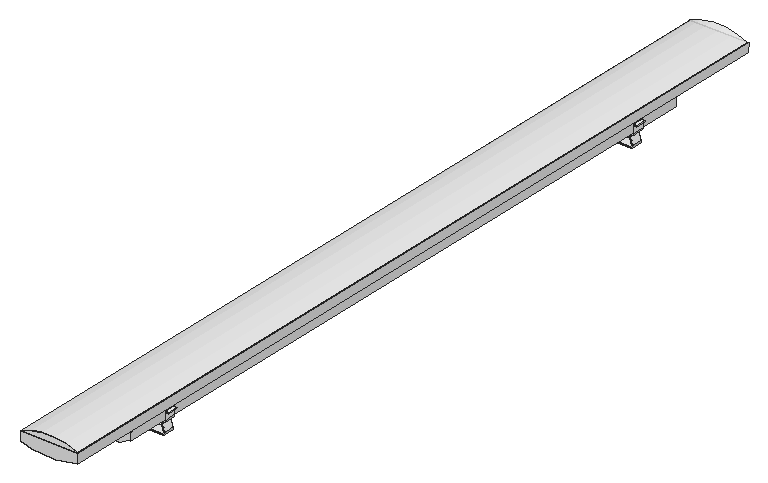
Revit family "Lighting-Industrial-GEWISS-SMART[3]PLUS-WATERTIGHT-LED-EMERGENCY_OPAL_1600mm", category Apparecchi per illuminazione, host Superficie, Revit 2019
Family settings
  Host = Superficie
  Quota connettore circolare = Usa diametro
  Tipo di parte = Normale
  Numero OmniClass = 23.80.70.11
  Titolo OmniClass = Luminaries for Internal Lighting
  Taglio con vuoti quando caricato = No
  Sorgente d'illuminazione = No
  Condiviso = No
  Punto di calcolo locali = No
Parameters (values of type "GWS3325AP957 - SMART3 PLUS 1600 EMERG DT1+DT6 HE OPAL 9 57")
  Working temperature = "ND"
  Weight (kg): = ""
  Warranty = "ND"
  Voltage = "220-240 V "
  Version file RFA = "20.0"
  URL = "https://www.gewiss.com/ww/en"
  Typology = ""
  Type of light source = "LED - Not replaceable"
  Technical sheet = "https://www.gewiss.com/ww/en/search?q=GWS3325AP957"
  System power = "50 W"
  Struttura = GEWISS - SMART 3 - GRIGIO
  Stampa 1_200 = no
  Stampa 1_100 = not(Stampa 1_200)  # yes
  Spostamento_Y_etichetta [instance] = 0 mm
  Spostamento_Y_effettivo_etichetta [instance] = 1500 mm - Spostamento_Y_etichetta  # 1500 mm
  Spostamento_X_etichetta [instance] = 0 mm
  Spostamento_X_effettivo_etichetta [instance] = 1500 mm - Spostamento_X_etichetta  # 1500 mm
  Shock resistance = "IK08"
  Shield type = "Opal"
  Schermo. = Gewiss - Led Acceso
  SEO = "Ceiling"
  Realized by GEWISS S.p.A. = ""
  Default Elevation = 1219.2 mm
  Produttore = "GEWISS S.p.A."
  Operating temperature: = "ND"
  Nominal flux (lm) = ""
  No. LED (#) = ""
  Modello = "GWS3325AP957"
  Lunghezza Lampada = 1600 mm  # constant formula
  Lumen output (lm) = "5200"
  Length = "1600 mm"
  Lampada = "LED"
  Lamp = "LED"
  LED LifeTime (L80B20) = ""
  LED Life time (L80B50) = ""
  LED Life time (L70) = ""
  LED Life Time (L90B50) = ""
  Insulation class = "II"
  Immagine tipo = GWS3158P.jpg
  IP degree = "IP66/IP69"
  IFC.TypeObject = ""
  IFC.ExportType = ""
  IFC.ExportAs = ""
  IDT = "fc3a2e1b-6a5f-4da6-a0ae-96bfc5d9bbbb"
  IDF = "7a91b3af-7b8f-4b45-9b1e-8da76f6e3765"
  Glow Wire Test = "850°C"
  Ganci = GEWISS  - ALLUMINIO
  Failure rate apparecchio (50.000h, Tq=25Â° C) = ""
  Failure rate apparecchio (35.000h, Tq=35Â° C) = ""
  Electrocod = "2434"
  Efficiency class of integrated LEDs = "A ÷ A++"
  EAN code = ""
  Driver type = ""
  Device with reduced surface temperature = ""
  Descrizione = "SMART3 PLUS 1600 EMERG DT1+DT6 HE OPAL 9 57"
  Commenti sul wattaggio = "55W"
  Colour temperature: = "5700 K (CRI > 90)"
  Colour temperature = "5700 K (CRI > 90)"
  Catalogue Range = "SMART[3] PLUS"
  Catalogue = "LIGHTING"
  Carico apparente = 55 VA
  COBie.Tagnumber = ""
  COBie.CreatedOn = ""
  COBie.CreatebBy = ""
  COBie.ComponentRegisterItemID = ""
  COBie.Component.TagNumber = ""
  COBie.Component.Space = ""
  COBie.Component.SerialNumber = ""
  COBie.Component.InstallationDate = ""
  COBie.Component.Description = ""
  COBie.Component.BarCode = ""
  Application = "Indoor"
Types (7, lengths in mm): name | Technical sheet | Modello | Lumen output (lm) | IDT | Descrizione | Commenti sul wattaggio | Colour temperature: | Colour temperature | Carico apparente
  (no name) | "https://www.gewiss.com/ww/en/search?q=GWS3325AP957" | "GWS3325AP957" | "5200" | "fc3a2e1b-6a5f-4da6-a0ae-96bfc5d9bbbb" | "SMART3 PLUS 1600 EMERG DT1+DT6 HE OPAL 9 57" | "55W" | "5700 K (CRI > 90)" | "5700 K (CRI > 90)" | 55 VA
  GWS3325AP830 - SMART3 PLUS 1600 EMERG DT1+DT6 HE OPAL 8 30 | "https://www.gewiss.com/ww/en/search?q=GWS3325AP830" | "GWS3325AP830" | "6300" | "dc5e4828-52ce-422c-9b6b-c38c54410b43" | "SMART3 PLUS 1600 EMERG DT1+DT6 HE OPAL 8 30" | "53W" | "3000 K (CRI > 80)" | "3000 K (CRI > 80)" | 53 VA
  GWS3325AP840 - SMART3 PLUS 1600 EMERG DT1+DT6 HE OPAL 8 40 | "https://www.gewiss.com/ww/en/search?q=GWS3325AP840" | "GWS3325AP840" | "6600" | "92695f94-24f2-461d-a178-f8fbf5aad911" | "SMART3 PLUS 1600 EMERG DT1+DT6 HE OPAL 8 40" | "53W" | "4000 K (CRI > 80)" | "4000 K (CRI > 80)" | 53 VA
  GWS3325AP857 - SMART3 PLUS 1600 EMERG DT1+DT6 HE OPAL 8 57 | "https://www.gewiss.com/ww/en/search?q=GWS3325AP857" | "GWS3325AP857" | "6600" | "c8afbca4-96a4-4207-8ed0-41c1df6e7fe8" | "SMART3 PLUS 1600 EMERG DT1+DT6 HE OPAL 8 57" | "53W" | "5700 K (CRI > 80)" | "5700 K (CRI > 80)" | 53 VA
  GWS3325AP930 - SMART3 PLUS 1600 EMERG DT1+DT6 HE OPAL 9 30 | "https://www.gewiss.com/ww/en/search?q=GWS3325AP930" | "GWS3325AP930" | "4900" | "ed5fe9f1-9f1e-4a73-9cdc-b7d59c384a9c" | "SMART3 PLUS 1600 EMERG DT1+DT6 HE OPAL 9 30" | "55W" | "3000 K (CRI > 90)" | "3000 K (CRI > 90)" | 55 VA
  GWS3325AP940 - SMART3 PLUS 1600 EMERG DT1+DT6 HE OPAL 9 40 | "https://www.gewiss.com/ww/en/search?q=GWS3325AP940" | "GWS3325AP940" | "5200" | "234f1ffd-bc96-4e99-876c-25112666cdf4" | "SMART3 PLUS 1600 EMERG DT1+DT6 HE OPAL 9 40" | "55W" | "4000 K (CRI > 90)" | "4000 K (CRI > 90)" | 55 VA
  GWS3325AP957 - SMART3 PLUS 1600 EMERG DT1+DT6 HE OPAL 9 57 | "https://www.gewiss.com/ww/en/search?q=GWS3325AP957" | "GWS3325AP957" | "5200" | "fc3a2e1b-6a5f-4da6-a0ae-96bfc5d9bbbb" | "SMART3 PLUS 1600 EMERG DT1+DT6 HE OPAL 9 57" | "55W" | "5700 K (CRI > 90)" | "5700 K (CRI > 90)" | 55 VA
Reference planes
  plane 1 "Centro (Fronte/Retro)": y = 0
  plane 2: z = 0
  plane 3 "Centro (Sinistra/Destra)": x = 0
  plane 4: x = -1500
  plane 5: y = -1500
  plane 6: x = 0
  plane 7: y = 0
Forms (mm)
  Extrusion 1, solid, material "GEWISS  - ALLUMINIO" <- "Ganci", detail levels medium+fine
    sketch origin (0, 0, 0) x (1, 0, 0) y (0, 0, 1)
      loop
        arc (31.431, -0.002) -> (34.576, 1.589) -> (35.156, 5.066) r 3.903
        line (35.156, 5.066) -> (29.612, 23.211)
        arc (29.612, 23.211) -> (29.883, 24.381) -> (31.032, 24.73) r 1.2
        line (31.032, 24.73) -> (34.307, 23.974)
        arc (34.307, 23.974) -> (36.765, 24.53) -> (37.859, 26.8) r 2.9
        line (37.859, 26.8) -> (37.859, 38.8)
        arc (37.859, 38.8) -> (37.648, 39.694) -> (37.059, 40.4) r 2
        line (37.059, 40.4) -> (37.059, 42.71) -> (42.861, 40.598) -> (43.203, 41.538) -> (37.53, 43.603)
        arc (37.53, 43.603) -> (37.019, 43.613) -> (36.605, 43.311) r 0.8
        line (36.605, 43.311) -> (36.306, 26.139)
        arc (36.306, 26.139) -> (35.6, 25.444) -> (34.616, 25.34) r 1.5
        line (34.616, 25.34) -> (31.344, 26.095)
        arc (31.344, 26.095) -> (28.858, 25.335) -> (28.273, 22.802) r 2.6
        line (28.273, 22.802) -> (33.827, 4.636)
        arc (33.827, 4.636) -> (33.449, 2.415) -> (31.438, 1.4) r 2.5
        line (31.438, 1.4) -> (-31.437, 1.4)
        arc (-31.437, 1.4) -> (-33.449, 2.415) -> (-33.827, 4.636) r 2.5
        line (-33.827, 4.636) -> (-28.273, 22.802)
        arc (-28.273, 22.802) -> (-28.858, 25.335) -> (-31.344, 26.095) r 2.6
        line (-31.344, 26.095) -> (-34.616, 25.34)
        arc (-34.616, 25.34) -> (-35.6, 25.444) -> (-36.306, 26.139) r 1.5
        line (-36.306, 26.139) -> (-36.605, 43.311)
        arc (-36.605, 43.311) -> (-37.019, 43.613) -> (-37.53, 43.603) r 0.8
        line (-37.53, 43.603) -> (-43.203, 41.538) -> (-42.861, 40.598) -> (-37.059, 42.71) -> (-37.059, 40.4)
        arc (-37.059, 40.4) -> (-37.648, 39.694) -> (-37.859, 38.8) r 2
        line (-37.859, 38.8) -> (-37.859, 26.8)
        arc (-37.859, 26.8) -> (-36.765, 24.53) -> (-34.307, 23.974) r 2.9
        line (-34.307, 23.974) -> (-31.032, 24.73)
        arc (-31.032, 24.73) -> (-29.883, 24.381) -> (-29.612, 23.211) r 1.2
        line (-29.612, 23.211) -> (-35.156, 5.066)
        arc (-35.156, 5.066) -> (-34.576, 1.589) -> (-31.431, -0.002) r 3.903
        line (-31.431, -0.002) -> (31.431, -0.002)
    from 548.766 to 568.766
  Extrusion 2, solid, material "GEWISS  - ALLUMINIO" <- "Ganci", detail levels medium+fine
    sketch origin (0, 0, 0) x (1, 0, 0) y (0, 0, -1)
      loop
        line (31.431, 0.002) -> (-31.431, 0.002)
        arc (-31.431, 0.002) -> (-34.576, -1.589) -> (-35.156, -5.066) r 3.903
        line (-35.156, -5.066) -> (-29.612, -23.211)
        arc (-29.612, -23.211) -> (-29.883, -24.381) -> (-31.032, -24.73) r 1.2
        line (-31.032, -24.73) -> (-34.307, -23.974)
        arc (-34.307, -23.974) -> (-36.765, -24.53) -> (-37.859, -26.8) r 2.9
        line (-37.859, -26.8) -> (-37.859, -38.8)
        arc (-37.859, -38.8) -> (-37.648, -39.694) -> (-37.059, -40.4) r 2
        line (-37.059, -40.4) -> (-37.059, -42.71) -> (-42.861, -40.598) -> (-43.203, -41.538) -> (-37.53, -43.603)
        arc (-37.53, -43.603) -> (-37.019, -43.613) -> (-36.605, -43.311) r 0.8
        line (-36.605, -43.311) -> (-36.306, -26.139)
        arc (-36.306, -26.139) -> (-35.6, -25.444) -> (-34.616, -25.34) r 1.5
        line (-34.616, -25.34) -> (-31.344, -26.095)
        arc (-31.344, -26.095) -> (-28.858, -25.335) -> (-28.273, -22.802) r 2.6
        line (-28.273, -22.802) -> (-33.827, -4.636)
        arc (-33.827, -4.636) -> (-33.449, -2.415) -> (-31.437, -1.4) r 2.5
        line (-31.437, -1.4) -> (31.438, -1.4)
        arc (31.438, -1.4) -> (33.449, -2.415) -> (33.827, -4.636) r 2.5
        line (33.827, -4.636) -> (28.273, -22.802)
        arc (28.273, -22.802) -> (28.858, -25.335) -> (31.344, -26.095) r 2.6
        line (31.344, -26.095) -> (34.616, -25.34)
        arc (34.616, -25.34) -> (35.6, -25.444) -> (36.306, -26.139) r 1.5
        line (36.306, -26.139) -> (36.605, -43.311)
        arc (36.605, -43.311) -> (37.019, -43.613) -> (37.53, -43.603) r 0.8
        line (37.53, -43.603) -> (43.203, -41.538) -> (42.861, -40.598) -> (37.059, -42.71) -> (37.059, -40.4)
        arc (37.059, -40.4) -> (37.648, -39.694) -> (37.859, -38.8) r 2
        line (37.859, -38.8) -> (37.859, -26.8)
        arc (37.859, -26.8) -> (36.765, -24.53) -> (34.307, -23.974) r 2.9
        line (34.307, -23.974) -> (31.032, -24.73)
        arc (31.032, -24.73) -> (29.883, -24.381) -> (29.612, -23.211) r 1.2
        line (29.612, -23.211) -> (35.156, -5.066)
        arc (35.156, -5.066) -> (34.576, -1.589) -> (31.431, 0.002) r 3.903
    from 548.766 to 568.766
  Extrusion 3, solid, material "GEWISS - SMART 3 - GRIGIO" <- "Struttura", detail levels medium+fine
    sketch origin (0, 0, 0) x (1, 0, 0) y (0, 0, 1)
      loop
        line (-36.331, 55.757) -> (-35.847, 28.018)
        arc (-35.847, 28.018) -> (-33.139, 27.27) -> (-30.416, 26.58) r 129.5
        arc (-30.416, 26.58) -> (-28.066, 25.76) -> (-25.915, 24.506) r 13
        arc (-25.915, 24.506) -> (-24.23, 23.324) -> (-22.521, 22.178) r 99.5
        arc (-22.521, 22.178) -> (-16.401, 19.063) -> (-9.748, 17.365) r 31.146
        line (-9.748, 17.365) -> (12.491, 17.365)
        arc (12.491, 17.365) -> (17.822, 19.098) -> (22.764, 21.745) r 31.646
        arc (22.764, 21.745) -> (24.509, 22.915) -> (26.228, 24.122) r 100
        arc (26.228, 24.122) -> (28.283, 25.313) -> (30.525, 26.095) r 12.5
        arc (30.525, 26.095) -> (33.437, 26.834) -> (36.332, 27.64) r 130
        line (36.332, 27.64) -> (36.824, 55.851)
        arc (36.824, 55.851) -> (24.914, 53.937) -> (12.909, 52.764) r 195.047
        line (12.909, 52.764) -> (-12.909, 52.764)
        arc (-12.909, 52.764) -> (-24.665, 53.905) -> (-36.331, 55.757) r 195.047
    from -650 to 650
  Extrusion 4, solid, material "GEWISS - SMART 3 - GRIGIO" <- "Struttura", detail levels medium+fine
    sketch origin (0, 0, 0) x (1, 0, 0) y (0, 0, 1)
      loop
        line (54.725, 60.184) -> (55.177, 77.445) -> (-55.177, 77.445) -> (-54.725, 60.184)
        arc (-54.725, 60.184) -> (-34.019, 55.332) -> (-12.909, 52.764) r 195.047
        line (-12.909, 52.764) -> (12.909, 52.764)
        arc (12.909, 52.764) -> (34.019, 55.332) -> (54.725, 60.184) r 195.047
    from -800 to 800
  Extrusion 5, solid, material "Gewiss - Led Acceso" <- "Schermo.", detail levels medium+fine
    sketch origin (0, 0, 0) x (1, 0, 0) y (0, 0, 1)
      loop
        arc (54.697, 78.441) -> (-0.014, 90.457) -> (-54.723, 78.429) r 130.5
        arc (-54.723, 78.429) -> (-54.988, 77.838) -> (-54.5, 77.445) r 0.5
        line (-54.5, 77.445) -> (54.479, 77.445)
        arc (54.479, 77.445) -> (54.988, 77.855) -> (54.697, 78.441) r 0.522
    from -800 to 800
  Extrusion 6, solid, material "GEWISS - SMART 3 - GRIGIO" <- "Struttura", detail levels coarse
    sketch origin (0, 0, 0) x (1, 0, 0) y (0, 0, 1)
      loop
        line (-54.5, 90.439) -> (-54.5, 0) -> (54.5, 0) -> (54.5, 90.439) -> (-54.5, 90.439)
    from -800 to 800
Lines and regions (mm)
  Masking region 1
    outline origin (0, 0, 0) x (1, 0, 0) y (0, 1, 0)
      loop
        line (-55.177, 800) -> (-55.177, -800) -> (55.177, -800) -> (55.177, 800) -> (-55.177, 800)
  symbolic lines, style "GEWISS - LIGHT 2D"
    curve 1: line (0, 528.766, 0) -> (0, -511.234, 0)
Dimensions and locks
  plane 4 to plane 3 "Centro (Sinistra/Destra)" = 1500 mm
  "Spostamento_X_effettivo_etichetta": plane 4 to plane 6
  "Spostamento_Y_effettivo_etichetta": plane 7 to plane 5
  plane 1 "Centro (Fronte/Retro)" to plane 5 = 1500 mm
  aligned and locked: plane 2 to host face
  aligned and locked: level to host face
  aligned and locked: Masking region 1 sketch curve to Extrusion 4  (x4)
  aligned and locked: plane 6 to nested 1
  aligned and locked: nested 1 to plane 7
  aligned and locked: curve 1 to plane 3 "Centro (Sinistra/Destra)"
Automatic sketch dimensions
  host sketch curve to host sketch curve = 2438.4 mm  (x2)
  Extrusion 1 sketch curve to Extrusion 1 sketch curve = 0 mm  (x28)
  Extrusion 1 sketch curve to plane 3 "Centro (Sinistra/Destra)" = 43.203 mm
  level to Extrusion 1 sketch curve = 40.598 mm
  Extrusion 1 sketch curve to Extrusion 1 sketch curve = 0.342 mm  (x2)
  Extrusion 1 sketch curve to Extrusion 1 sketch curve = 5.002 mm  (x2)
  Extrusion 1 sketch curve to Extrusion 1 sketch curve = 0.329 mm
  Extrusion 1 sketch curve to Extrusion 1 sketch curve = 0.271 mm  (x2)
  Extrusion 1 sketch curve to Extrusion 1 sketch curve = 0.8 mm  (x2)
  Extrusion 1 sketch curve to Extrusion 1 sketch curve = 0.454 mm  (x2)
  Extrusion 1 sketch curve to Extrusion 1 sketch curve = 1.554 mm
  Extrusion 1 sketch curve to Extrusion 1 sketch curve = 2 mm
  level to Extrusion 1 sketch curve = 5.066 mm  (x2)
  Extrusion 1 sketch curve to Extrusion 1 sketch curve = 1.15 mm
  Extrusion 1 sketch curve to Extrusion 1 sketch curve = 1.346 mm  (x2)
  Extrusion 1 sketch curve to Extrusion 1 sketch curve = 0.343 mm  (x2)
  level to Extrusion 1 sketch curve = 4.636 mm  (x2)
  Extrusion 1 sketch curve to Extrusion 1 sketch curve = 1.329 mm  (x2)
  level to Extrusion 1 sketch curve = 1.4 mm
  Extrusion 1 sketch curve to Extrusion 1 sketch curve = 2.389 mm  (x2)
  Extrusion 1 sketch curve to Extrusion 1 sketch curve = 0.007 mm  (x2)
  Extrusion 1 sketch curve to Extrusion 1 sketch curve = 3.584 mm  (x2)
  Extrusion 1 sketch curve to Extrusion 1 sketch curve = 0.273 mm  (x2)
  plane 3 "Centro (Sinistra/Destra)" to Extrusion 1 sketch curve = 30.759 mm
  Extrusion 1 sketch curve to level = 0.002 mm
  Extrusion 1 sketch curve to Extrusion 1 sketch curve = 0.672 mm
  Extrusion 1 sketch curve to Extrusion 1 sketch curve = 0.9 mm
  level to Extrusion 1 sketch curve = 26.139 mm
  Extrusion 1 sketch curve to Extrusion 1 sketch curve = 0.746 mm
  Extrusion 1 sketch curve to Extrusion 1 sketch curve = 0.2 mm
  Extrusion 1 sketch curve to Extrusion 1 sketch curve = 2.577 mm
  Extrusion 1 sketch curve to Extrusion 1 sketch curve = 18.496 mm
  Extrusion 1 sketch curve to Extrusion 1 sketch curve = 1.169 mm  (x2)
  Extrusion 1 sketch curve to Extrusion 1 sketch curve = 0.799 mm  (x2)
  Extrusion 1 sketch curve to Extrusion 1 sketch curve = 0.609 mm
  Extrusion 1 sketch curve to Extrusion 1 sketch curve = 1.798 mm  (x2)
  Extrusion 1 sketch curve to Extrusion 1 sketch curve = 12 mm
  Extrusion 1 sketch curve to Extrusion 1 sketch curve = 0.94 mm  (x2)
  Extrusion 1 sketch curve to Extrusion 1 sketch curve = 0.14 mm  (x2)
  Extrusion 1 sketch curve to Extrusion 1 sketch curve = 0.309 mm  (x2)
  Extrusion 1 sketch curve to Extrusion 1 sketch curve = 0.312 mm  (x2)
  Extrusion 1 sketch curve to Extrusion 1 sketch curve = 1.148 mm  (x2)
  Extrusion 1 sketch curve to Extrusion 1 sketch curve = 1.339 mm
  Extrusion 1 sketch curve to Extrusion 1 sketch curve = 2.486 mm
  Extrusion 1 sketch curve to Extrusion 1 sketch curve = 0.409 mm  (x2)
  Extrusion 2 sketch curve to Extrusion 2 sketch curve = 0 mm  (x28)
  Extrusion 2 sketch curve to plane 3 "Centro (Sinistra/Destra)" = 43.203 mm
  level to Extrusion 2 sketch curve = 40.598 mm
  Extrusion 2 sketch curve to Extrusion 2 sketch curve = 0.342 mm  (x2)
  Extrusion 2 sketch curve to Extrusion 2 sketch curve = 5.002 mm  (x2)
  Extrusion 2 sketch curve to Extrusion 2 sketch curve = 0.329 mm
  Extrusion 2 sketch curve to Extrusion 2 sketch curve = 0.271 mm  (x2)
  Extrusion 2 sketch curve to Extrusion 2 sketch curve = 0.8 mm  (x2)
  Extrusion 2 sketch curve to Extrusion 2 sketch curve = 0.454 mm  (x2)
  Extrusion 2 sketch curve to Extrusion 2 sketch curve = 1.554 mm
  Extrusion 2 sketch curve to Extrusion 2 sketch curve = 2 mm
  level to Extrusion 2 sketch curve = 5.066 mm  (x2)
  Extrusion 2 sketch curve to Extrusion 2 sketch curve = 1.15 mm
  Extrusion 2 sketch curve to Extrusion 2 sketch curve = 1.346 mm  (x2)
  Extrusion 2 sketch curve to Extrusion 2 sketch curve = 0.343 mm  (x2)
  level to Extrusion 2 sketch curve = 4.636 mm  (x2)
  Extrusion 2 sketch curve to Extrusion 2 sketch curve = 1.329 mm  (x2)
  level to Extrusion 2 sketch curve = 1.4 mm
  Extrusion 2 sketch curve to Extrusion 2 sketch curve = 2.389 mm  (x2)
  Extrusion 2 sketch curve to Extrusion 2 sketch curve = 0.007 mm  (x2)
  Extrusion 2 sketch curve to Extrusion 2 sketch curve = 3.584 mm  (x2)
  Extrusion 2 sketch curve to Extrusion 2 sketch curve = 0.273 mm  (x2)
  plane 3 "Centro (Sinistra/Destra)" to Extrusion 2 sketch curve = 30.759 mm
  Extrusion 2 sketch curve to level = 0.002 mm
  Extrusion 2 sketch curve to Extrusion 2 sketch curve = 0.672 mm
  Extrusion 2 sketch curve to Extrusion 2 sketch curve = 0.9 mm
  level to Extrusion 2 sketch curve = 26.139 mm
  Extrusion 2 sketch curve to Extrusion 2 sketch curve = 0.746 mm
  Extrusion 2 sketch curve to Extrusion 2 sketch curve = 0.2 mm
  Extrusion 2 sketch curve to Extrusion 2 sketch curve = 14.46 mm
  Extrusion 2 sketch curve to Extrusion 2 sketch curve = 0.94 mm  (x2)
  Extrusion 2 sketch curve to Extrusion 2 sketch curve = 0.14 mm  (x2)
  Extrusion 2 sketch curve to Extrusion 2 sketch curve = 2.31 mm  (x2)
  Extrusion 2 sketch curve to Extrusion 2 sketch curve = 12 mm
  Extrusion 2 sketch curve to Extrusion 2 sketch curve = 0.661 mm  (x2)
  Extrusion 2 sketch curve to Extrusion 2 sketch curve = 0.609 mm  (x2)
  Extrusion 2 sketch curve to Extrusion 2 sketch curve = 1.169 mm  (x2)
  Extrusion 2 sketch curve to Extrusion 2 sketch curve = 0.309 mm  (x2)
  Extrusion 2 sketch curve to Extrusion 2 sketch curve = 0.312 mm  (x2)
  Extrusion 2 sketch curve to Extrusion 2 sketch curve = 1.148 mm  (x2)
  Extrusion 2 sketch curve to Extrusion 2 sketch curve = 1.339 mm
  Extrusion 2 sketch curve to Extrusion 2 sketch curve = 2.486 mm
  Extrusion 2 sketch curve to Extrusion 2 sketch curve = 1.365 mm  (x2)
  Extrusion 3 sketch curve to plane 3 "Centro (Sinistra/Destra)" = 36.331 mm
  Extrusion 3 sketch curve to Extrusion 3 sketch curve = 0.484 mm
  Extrusion 3 sketch curve to Extrusion 3 sketch curve = 2.34 mm
  Extrusion 3 sketch curve to plane 3 "Centro (Sinistra/Destra)" = 32.068 mm
  Extrusion 3 sketch curve to plane 3 "Centro (Sinistra/Destra)" = 12.909 mm
  Extrusion 3 sketch curve to plane 3 "Centro (Sinistra/Destra)" = 9.748 mm
  Extrusion 3 sketch curve to plane 3 "Centro (Sinistra/Destra)" = 5.421 mm
  Extrusion 3 sketch curve to plane 3 "Centro (Sinistra/Destra)" = 0.057 mm
  Extrusion 3 sketch curve to plane 3 "Centro (Sinistra/Destra)" = 0.007 mm
  Extrusion 3 sketch curve to plane 3 "Centro (Sinistra/Destra)" = 0.001 mm
  plane 3 "Centro (Sinistra/Destra)" to Extrusion 3 sketch curve = 0.057 mm
  plane 3 "Centro (Sinistra/Destra)" to Extrusion 3 sketch curve = 5.412 mm
  plane 3 "Centro (Sinistra/Destra)" to Extrusion 3 sketch curve = 12.491 mm
  Extrusion 3 sketch curve to Extrusion 3 sketch curve = 7.496 mm
  plane 3 "Centro (Sinistra/Destra)" to Extrusion 3 sketch curve = 32.059 mm
  Extrusion 3 sketch curve to Extrusion 3 sketch curve = 21.008 mm
  Extrusion 3 sketch curve to Extrusion 3 sketch curve = 2.833 mm
  Extrusion 3 sketch curve to Extrusion 3 sketch curve = 23.916 mm
  level to Extrusion 3 sketch curve = 13.953 mm  (x2)
  level to Extrusion 3 sketch curve = 17.365 mm  (x2)
  Extrusion 3 sketch curve to Extrusion 3 sketch curve = 13.687 mm
  Extrusion 3 sketch curve to Extrusion 3 sketch curve = 14.064 mm
  Extrusion 3 sketch curve to Extrusion 3 sketch curve = 30.844 mm
  Extrusion 3 sketch curve to Extrusion 3 sketch curve = 0 mm  (x3)
  Extrusion 3 sketch curve to Extrusion 3 sketch curve = 4.555 mm
  Extrusion 3 sketch curve to Extrusion 3 sketch curve = 2.993 mm
  Extrusion 3 sketch curve to Extrusion 3 sketch curve = 3.087 mm
  Extrusion 3 sketch curve to Extrusion 3 sketch curve = 49.52 mm
  Extrusion 3 sketch curve to Extrusion 3 sketch curve = 49.615 mm
  Extrusion 3 sketch curve to Extrusion 3 sketch curve = 47.089 mm
  Extrusion 3 sketch curve to Extrusion 3 sketch curve = 5.431 mm
  Extrusion 3 sketch curve to Extrusion 3 sketch curve = 4.5 mm
  Extrusion 3 sketch curve to Extrusion 3 sketch curve = 10.273 mm
  Extrusion 3 sketch curve to Extrusion 3 sketch curve = 3.465 mm
  Extrusion 3 sketch curve to Extrusion 3 sketch curve = 4.297 mm
  Extrusion 4 sketch curve to plane 3 "Centro (Sinistra/Destra)" = 55.177 mm
  Extrusion 4 sketch curve to Extrusion 4 sketch curve = 0.452 mm  (x2)
  Extrusion 4 sketch curve to plane 3 "Centro (Sinistra/Destra)" = 12.909 mm
  Extrusion 4 sketch curve to plane 3 "Centro (Sinistra/Destra)" = 0.057 mm
  plane 3 "Centro (Sinistra/Destra)" to Extrusion 4 sketch curve = 0.057 mm
  plane 3 "Centro (Sinistra/Destra)" to Extrusion 4 sketch curve = 12.909 mm
  Extrusion 4 sketch curve to Extrusion 4 sketch curve = 41.816 mm
  level to Extrusion 4 sketch curve = 52.764 mm
  Extrusion 4 sketch curve to Extrusion 4 sketch curve = 7.42 mm  (x2)
  Extrusion 4 sketch curve to Extrusion 4 sketch curve = 17.262 mm
  Extrusion 5 sketch curve to plane 3 "Centro (Sinistra/Destra)" = 0 mm
  Extrusion 5 sketch curve to plane 3 "Centro (Sinistra/Destra)" = 54.5 mm
  plane 3 "Centro (Sinistra/Destra)" to Extrusion 5 sketch curve = 54.479 mm
  Extrusion 5 sketch curve to level = 40.043 mm
  level to Extrusion 5 sketch curve = 77.445 mm
  Extrusion 5 sketch curve to Extrusion 5 sketch curve = 0.5 mm
  Extrusion 5 sketch curve to Extrusion 5 sketch curve = 0.522 mm
  Extrusion 5 sketch curve to Extrusion 5 sketch curve = 0.21 mm
  Extrusion 5 sketch curve to Extrusion 5 sketch curve = 0.014 mm
  Extrusion 5 sketch curve to Extrusion 5 sketch curve = 0 mm
  Extrusion 6 sketch curve to level = 0 mm
  Extrusion 6 sketch curve to plane 3 "Centro (Sinistra/Destra)" = 54.5 mm
  plane 3 "Centro (Sinistra/Destra)" to Extrusion 6 sketch curve = 54.5 mm
  Extrusion 6 sketch curve to Extrusion 6 sketch curve = 90.439 mm
  plane 1 "Centro (Fronte/Retro)" to curve 1 = 511.234 mm
  curve 1 to plane 1 "Centro (Fronte/Retro)" = 528.766 mm
Nested families
  nested 1: "ETICHETTA WATTAGGIO" at (0, 0, 0), type "ETICHETTA WATTAGGIO"
Connectors
  electrical at (0, 0, 0), driven by "Carico apparente"
    settings: on Masking region 1, index 1, voltage 230 V, apparent load 0 VA, apparent load phase1 55 VA, apparent load phase2 0 VA, apparent load phase3 0 VA, power factor 1, load classification "Illuminazione", number of poles 2, system type 31, power factor state 1, is connector primary yes, connector utility no, sub classification motor no, connector description ""
Definition of nested family "ETICHETTA WATTAGGIO"
  Parameters (values of type "ETICHETTA WATTAGGIO")
    GW - Potenza di sistema = ""
    GW - Numero LED = ""
    COMMENTI = "13W"
    1_200 = no
    1_100 = yes
  Reference planes
    plane 1: y = 0
    plane 2: x = 0
  Text (mm)
    label "GW - Potenza di sistema\nGW - Numero LED LED" at (-0.057, -0.214, 0), shows "GW - Potenza di sistema", "GW - Numero LED", visible <- "1_100"
    label "GW - Potenza di sistema\nGW - Numero LED LED " at (-0.057, -0.214, 0), shows "GW - Potenza di sistema", "GW - Numero LED", visible <- "1_200"
